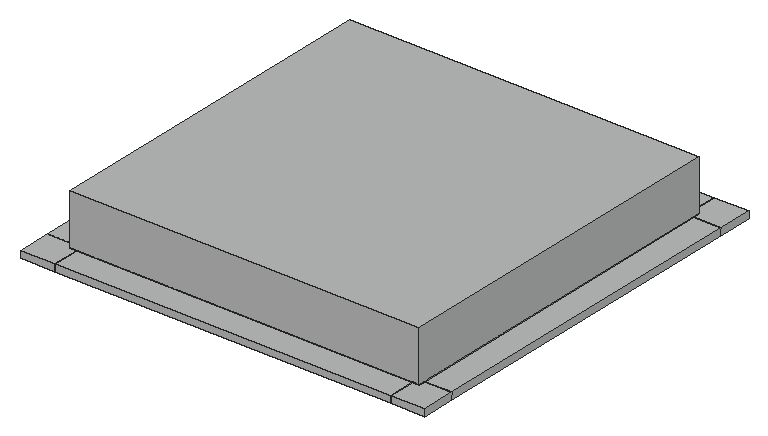
Revit family "ALUMOGIPS", category Осветительные приборы, Revit 2019 (continued)
Types (72, lengths in mm): name | Файл фотометрической сетки | built-in parameter 1150105 | Lumens | built-in parameter 1150106 | built-in parameter 1150142 | Wattage | Emit from Rectangle Width | Emit from Rectangle Length | Длина | Материал светильника | Ширина | ADSK_Ток | ADSK_Полная мощность | ADSK_Обозначение | ADSK_Номинальная мощность | ADSK_Наименование | ADSK_Масса | ADSK_Код изделия
  Alumogips-50/opal-sand 610х610 (IP54, 4000К, белый, грильято) | "Светильник ALUMOGIPS-50 OPAL-SAND-(610x610).IES" | 405.85 (stored number, unit not read) | 5100 lm | 4.0585 (stored number, unit not read) | "IESNA:LM-63-95\r\n[TEST] Протокол № 50-14\r\n[DATA] 15.06.2016\r\n[MORE] \r\n[MANUFAC] ЗАО \"Центрстройсвет\"\r\n[LUMCAT]  Светильник ALUMOGIPS-50/OPAL-SAND-(610x610)\r\n[LUMINAIRE]\r\n[LAMPCAT] Светодиоды\r\n[LAMP] Поток источника света (светодиодов) не известен\r\n[MORE] КСС приведена в абсолютных величинах кд\r\n[MORE] Вместо потока лампы, указан поток светильника.\r\nTILT=NONE\r\n1    5060 1.0 37 73 1 2 0.61 0.61 0.04\r\n1.0 1.0 50.3\r\n0.0 5.0 10.0 15.0 20.0 25.0 30.0 35.0 40.0 45.0 50.0 55.0 60.0 65.0 70.0 75.0 80.0 85.0 90.0 95.0 100.0 105.0 110.0 115.0 120.0 125.0 130.0 135.0 140.0 145.0 150.0 155.0 160.0 165.0 170.0 175.0 180.0\r\n0.0 5.0 10.0 15.0 20.0 25.0 30.0 35.0 40.0 45.0 50.0 55.0 60.0 65.0 70.0 75.0 80.0 85.0 90.0 95.0 100.0 105.0 110.0 115.0 120.0 125.0 130.0 135.0 140.0 145.0 150.0 155.0 160.0 165.0 170.0 175.0 180.0 185.0 190.0 195.0 200.0 205.0 210.0 215.0 220.0 225.0 230.0 235.0 240.0 245.0 250.0 255.0 260.0 265.0 270.0 275.0 280.0 285.0 290.0 295.0 300.0 305.0 310.0 315.0 320.0 325.0 330.0 335.0 340.0 345.0 350.0 355.0 360.0\r\n1887.5 1882.3 1843.4 1792.0 1724.0 1631.5 1531.1 1419.3 1293.7 1161.5 1026.7 886.8 740.0 595.0 455.2 319.9 194.6 81.1 4.9 0.0 0.0 0.0 0.0 0.0 0.0 0.0 0.0 0.0 0.0 0.0 0.0 0.0 0.0 0.0 0.0 0.0 0.0\r\n1887.5 1882.9 1846.0 1797.8 1725.1 1630.8 1538.9 1418.0 1289.1 1162.9 1024.5 883.4 740.5 598.7 455.8 320.4 195.7 82.0 5.0 0.0 0.0 0.0 0.0 0.0 0.0 0.0 0.0 0.0 0.0 0.0 0.0 0.0 0.0 0.0 0.0 0.0 0.0\r\n1887.5 1884.1 1849.8 1793.9 1724.1 1633.5 1538.1 1421.4 1298.2 1165.1 1027.4 885.2 742.6 599.8 457.4 322.3 197.1 83.7 5.4 0.0 0.0 0.0 0.0 0.0 0.0 0.0 0.0 0.0 0.0 0.0 0.0 0.0 0.0 0.0 0.0 0.0 0.0\r\n1887.5 1885.6 1850.0 1796.3 1725.8 1632.2 1533.7 1422.0 1295.8 1167.8 1030.8 886.1 743.6 597.9 459.5 322.2 196.9 83.7 5.4 0.0 0.0 0.0 0.0 0.0 0.0 0.0 0.0 0.0 0.0 0.0 0.0 0.0 0.0 0.0 0.0 0.0 0.0\r\n1887.5 1886.5 1849.9 1795.8 1721.4 1639.6 1534.8 1418.0 1296.4 1168.3 1027.2 886.6 744.0 600.2 457.7 323.1 197.0 84.2 5.3 0.0 0.0 0.0 0.0 0.0 0.0 0.0 0.0 0.0 0.0 0.0 0.0 0.0 0.0 0.0 0.0 0.0 0.0\r\n1887.5 1885.6 1848.0 1795.1 1728.2 1636.1 1537.7 1424.4 1296.7 1163.9 1028.1 885.4 746.1 599.2 456.9 323.0 198.1 84.6 6.1 0.0 0.0 0.0 0.0 0.0 0.0 0.0 0.0 0.0 0.0 0.0 0.0 0.0 0.0 0.0 0.0 0.0 0.0\r\n1887.5 1884.2 1849.8 1792.9 1722.3 1637.3 1537.3 1423.8 1299.0 1162.9 1028.1 889.2 746.4 599.2 458.6 325.2 198.7 85.0 6.5 0.0 0.0 0.0 0.0 0.0 0.0 0.0 0.0 0.0 0.0 0.0 0.0 0.0 0.0 0.0 0.0 0.0 0.0\r\n1887.5 1884.0 1850.9 1800.1 1725.4 1633.0 1534.3 1421.2 1294.0 1160.9 1028.3 886.0 747.4 600.7 459.7 325.6 199.2 86.0 6.2 0.0 0.0 0.0 0.0 0.0 0.0 0.0 0.0 0.0 0.0 0.0 0.0 0.0 0.0 0.0 0.0 0.0 0.0\r\n1887.5 1884.0 1850.4 1799.2 1722.9 1634.9 1528.6 1423.0 1298.2 1162.3 1032.0 888.7 743.9 600.7 461.8 326.2 199.2 86.6 6.1 0.0 0.0 0.0 0.0 0.0 0.0 0.0 0.0 0.0 0.0 0.0 0.0 0.0 0.0 0.0 0.0 0.0 0.0\r\n1887.5 1883.3 1848.8 1801.0 1723.6 1638.0 1538.5 1425.1 1297.5 1166.1 1029.5 886.1 746.3 605.4 461.8 326.3 201.2 87.0 6.2 0.0 0.0 0.0 0.0 0.0 0.0 0.0 0.0 0.0 0.0 0.0 0.0 0.0 0.0 0.0 0.0 0.0 0.0\r\n1887.5 1883.3 1850.6 1797.3 1725.8 1637.1 1533.1 1417.5 1298.3 1167.1 1027.2 888.0 746.2 603.2 463.6 327.0 201.7 88.1 6.5 0.0 0.0 0.0 0.0 0.0 0.0 0.0 0.0 0.0 0.0 0.0 0.0 0.0 0.0 0.0 0.0 0.0 0.0\r\n1887.5 1883.7 1849.0 1797.7 1720.9 1638.5 1535.3 1424.4 1299.6 1168.5 1035.4 889.6 749.8 603.4 465.3 328.4 201.8 88.8 7.0 0.0 0.0 0.0 0.0 0.0 0.0 0.0 0.0 0.0 0.0 0.0 0.0 0.0 0.0 0.0 0.0 0.0 0.0\r\n1887.5 1883.1 1852.7 1797.3 1728.6 1639.3 1538.4 1423.7 1303.2 1168.1 1029.2 892.4 748.1 605.8 464.0 329.6 202.9 89.8 7.0 0.0 0.0 0.0 0.0 0.0 0.0 0.0 0.0 0.0 0.0 0.0 0.0 0.0 0.0 0.0 0.0 0.0 0.0\r\n1887.5 1881.9 1853.7 1798.9 1724.8 1637.5 1543.5 1423.8 1299.9 1170.3 1024.3 891.2 751.8 607.8 466.0 330.6 204.5 90.0 7.3 0.0 0.0 0.0 0.0 0.0 0.0 0.0 0.0 0.0 0.0 0.0 0.0 0.0 0.0 0.0 0.0 0.0 0.0\r\n1887.5 1881.8 1854.7 1797.4 1729.6 1638.4 1538.7 1420.0 1302.3 1168.1 1034.9 892.9 749.2 609.3 467.3 330.5 205.3 90.4 7.7 0.0 0.0 0.0 0.0 0.0 0.0 0.0 0.0 0.0 0.0 0.0 0.0 0.0 0.0 0.0 0.0 0.0 0.0\r\n1887.5 1882.8 1852.5 1798.1 1725.4 1641.5 1535.9 1424.2 1305.0 1168.3 1036.9 895.1 752.7 610.0 468.0 330.8 206.4 91.1 7.9 0.0 0.0 0.0 0.0 0.0 0.0 0.0 0.0 0.0 0.0 0.0 0.0 0.0 0.0 0.0 0.0 0.0 0.0\r\n1887.5 1883.6 1853.4 1797.0 1722.9 1639.1 1537.8 1429.0 1302.2 1172.5 1035.6 896.5 751.3 608.9 469.2 331.4 207.3 92.2 8.2 0.0 0.0 0.0 0.0 0.0 0.0 0.0 0.0 0.0 0.0 0.0 0.0 0.0 0.0 0.0 0.0 0.0 0.0\r\n1887.5 1883.6 1850.7 1797.3 1726.9 1643.9 1542.2 1421.1 1302.3 1173.9 1036.7 893.3 752.7 610.7 470.3 331.8 207.5 92.8 8.4 0.0 0.0 0.0 0.0 0.0 0.0 0.0 0.0 0.0 0.0 0.0 0.0 0.0 0.0 0.0 0.0 0.0 0.0\r\n1887.5 1883.8 1850.5 1796.3 1728.7 1637.1 1539.6 1426.0 1310.2 1175.1 1036.5 895.8 754.0 609.7 469.6 332.7 208.2 93.1 8.5 0.0 0.0 0.0 0.0 0.0 0.0 0.0 0.0 0.0 0.0 0.0 0.0 0.0 0.0 0.0 0.0 0.0 0.0\r\n1887.5 1884.5 1848.7 1798.4 1728.4 1643.0 1541.1 1424.4 1306.1 1175.6 1035.2 895.7 753.2 610.0 470.1 333.6 209.0 93.8 8.7 0.0 0.0 0.0 0.0 0.0 0.0 0.0 0.0 0.0 0.0 0.0 0.0 0.0 0.0 0.0 0.0 0.0 0.0\r\n1887.5 1885.1 1846.5 1798.1 1728.3 1640.7 1538.4 1422.5 1302.2 1173.0 1035.2 900.5 754.9 610.9 470.6 333.2 208.6 94.1 8.3 0.0 0.0 0.0 0.0 0.0 0.0 0.0 0.0 0.0 0.0 0.0 0.0 0.0 0.0 0.0 0.0 0.0 0.0\r\n1887.5 1884.8 1851.0 1798.1 1730.2 1643.2 1541.6 1426.4 1303.3 1176.2 1035.7 896.2 754.5 612.8 472.6 334.1 209.1 94.5 8.3 0.0 0.0 0.0 0.0 0.0 0.0 0.0 0.0 0.0 0.0 0.0 0.0 0.0 0.0 0.0 0.0 0.0 0.0\r\n1887.5 1884.2 1851.7 1798.5 1729.5 1639.1 1536.0 1425.2 1302.7 1175.5 1036.5 898.0 758.2 612.7 468.9 335.3 208.8 94.8 9.1 0.0 0.0 0.0 0.0 0.0 0.0 0.0 0.0 0.0 0.0 0.0 0.0 0.0 0.0 0.0 0.0 0.0 0.0\r\n1887.5 1883.1 1853.9 1797.7 1724.9 1639.7 1541.8 1430.1 1304.9 1168.5 1037.8 897.4 754.1 610.4 472.0 334.6 209.1 95.3 8.8 0.0 0.0 0.0 0.0 0.0 0.0 0.0 0.0 0.0 0.0 0.0 0.0 0.0 0.0 0.0 0.0 0.0 0.0\r\n1887.5 1881.5 1850.2 1795.2 1729.7 1647.3 1540.3 1425.3 1308.1 1174.1 1040.2 896.3 755.4 612.5 470.5 335.6 209.7 95.4 8.7 0.0 0.0 0.0 0.0 0.0 0.0 0.0 0.0 0.0 0.0 0.0 0.0 0.0 0.0 0.0 0.0 0.0 0.0\r\n1887.5 1880.4 1847.4 1795.8 1726.1 1638.7 1541.7 1429.3 1302.6 1175.9 1038.5 897.9 751.3 611.6 471.1 335.6 209.6 95.3 9.2 0.0 0.0 0.0 0.0 0.0 0.0 0.0 0.0 0.0 0.0 0.0 0.0 0.0 0.0 0.0 0.0 0.0 0.0\r\n1887.5 1880.0 1850.3 1797.1 1726.4 1643.3 1536.0 1421.3 1303.6 1171.4 1038.6 895.9 755.7 612.4 470.9 336.2 208.7 95.8 9.1 0.0 0.0 0.0 0.0 0.0 0.0 0.0 0.0 0.0 0.0 0.0 0.0 0.0 0.0 0.0 0.0 0.0 0.0\r\n1887.5 1879.1 1850.7 1799.2 1725.1 1639.6 1536.4 1428.4 1302.2 1172.1 1033.4 895.3 754.1 612.8 470.7 335.5 209.1 96.7 9.0 0.0 0.0 0.0 0.0 0.0 0.0 0.0 0.0 0.0 0.0 0.0 0.0 0.0 0.0 0.0 0.0 0.0 0.0\r\n1887.5 1876.9 1845.6 1794.8 1724.8 1637.8 1537.7 1427.7 1305.4 1174.0 1036.9 896.0 755.2 613.5 471.4 337.3 209.9 96.1 9.4 0.0 0.0 0.0 0.0 0.0 0.0 0.0 0.0 0.0 0.0 0.0 0.0 0.0 0.0 0.0 0.0 0.0 0.0\r\n1887.5 1874.8 1849.0 1796.1 1725.5 1644.7 1539.3 1422.3 1296.7 1172.6 1036.6 895.8 752.9 610.2 470.9 336.1 209.8 95.5 9.5 0.0 0.0 0.0 0.0 0.0 0.0 0.0 0.0 0.0 0.0 0.0 0.0 0.0 0.0 0.0 0.0 0.0 0.0\r\n1887.5 1874.3 1850.7 1796.1 1722.3 1643.7 1535.4 1426.2 1297.3 1169.2 1033.9 896.5 756.1 608.4 469.6 336.8 208.8 95.7 9.0 0.0 0.0 0.0 0.0 0.0 0.0 0.0 0.0 0.0 0.0 0.0 0.0 0.0 0.0 0.0 0.0 0.0 0.0\r\n1887.5 1875.0 1847.6 1795.2 1726.0 1637.4 1538.8 1422.8 1302.3 1167.3 1031.4 892.2 753.9 609.3 470.2 335.4 209.4 95.6 9.2 0.0 0.0 0.0 0.0 0.0 0.0 0.0 0.0 0.0 0.0 0.0 0.0 0.0 0.0 0.0 0.0 0.0 0.0\r\n1887.5 1876.2 1846.7 1797.0 1722.9 1632.1 1531.8 1428.4 1297.9 1173.0 1032.8 893.5 750.3 609.2 468.7 334.5 208.8 95.2 9.5 0.0 0.0 0.0 0.0 0.0 0.0 0.0 0.0 0.0 0.0 0.0 0.0 0.0 0.0 0.0 0.0 0.0 0.0\r\n1887.5 1877.0 1845.0 1799.0 1728.3 1642.0 1532.1 1422.0 1297.5 1176.2 1034.8 896.4 752.7 609.9 470.0 333.7 209.6 95.2 9.1 0.0 0.0 0.0 0.0 0.0 0.0 0.0 0.0 0.0 0.0 0.0 0.0 0.0 0.0 0.0 0.0 0.0 0.0\r\n1887.5 1876.9 1842.6 1790.6 1724.9 1639.4 1536.1 1422.9 1304.1 1169.6 1035.5 895.3 751.4 609.1 469.0 332.6 209.1 95.1 9.2 0.0 0.0 0.0 0.0 0.0 0.0 0.0 0.0 0.0 0.0 0.0 0.0 0.0 0.0 0.0 0.0 0.0 0.0\r\n1887.5 1875.7 1845.4 1794.6 1719.6 1634.8 1535.6 1422.6 1301.8 1167.1 1036.6 892.0 752.3 605.8 469.0 332.7 209.1 93.9 9.3 0.0 0.0 0.0 0.0 0.0 0.0 0.0 0.0 0.0 0.0 0.0 0.0 0.0 0.0 0.0 0.0 0.0 0.0\r\n1887.5 1874.6 1846.6 1791.0 1719.4 1631.6 1534.3 1422.3 1303.5 1171.6 1032.3 893.0 750.0 606.5 467.5 330.0 206.4 92.9 8.4 0.0 0.0 0.0 0.0 0.0 0.0 0.0 0.0 0.0 0.0 0.0 0.0 0.0 0.0 0.0 0.0 0.0 0.0\r\n1887.5 1874.0 1843.1 1789.6 1720.6 1639.4 1534.3 1424.0 1300.8 1168.1 1030.2 892.1 748.2 609.2 467.1 330.4 206.0 92.1 7.9 0.0 0.0 0.0 0.0 0.0 0.0 0.0 0.0 0.0 0.0 0.0 0.0 0.0 0.0 0.0 0.0 0.0 0.0\r\n1887.5 1873.5 1842.4 1792.6 1720.8 1633.5 1535.7 1423.0 1296.8 1165.4 1028.6 890.9 749.2 606.9 466.1 329.8 204.3 90.7 7.8 0.0 0.0 0.0 0.0 0.0 0.0 0.0 0.0 0.0 0.0 0.0 0.0 0.0 0.0 0.0 0.0 0.0 0.0\r\n1887.5 1872.5 1843.5 1792.8 1719.4 1633.2 1530.8 1420.9 1295.9 1169.4 1030.4 892.0 748.4 604.3 464.0 329.4 203.7 91.1 7.3 0.0 0.0 0.0 0.0 0.0 0.0 0.0 0.0 0.0 0.0 0.0 0.0 0.0 0.0 0.0 0.0 0.0 0.0\r\n1887.5 1871.5 1840.6 1788.3 1723.9 1633.4 1533.4 1417.1 1296.6 1165.6 1026.8 888.1 749.6 603.5 465.6 328.3 203.4 90.8 6.9 0.0 0.0 0.0 0.0 0.0 0.0 0.0 0.0 0.0 0.0 0.0 0.0 0.0 0.0 0.0 0.0 0.0 0.0\r\n1887.5 1871.7 1837.5 1793.8 1715.8 1634.9 1538.0 1424.6 1298.1 1167.0 1028.0 888.7 747.9 603.5 465.2 327.9 201.8 90.2 7.0 0.0 0.0 0.0 0.0 0.0 0.0 0.0 0.0 0.0 0.0 0.0 0.0 0.0 0.0 0.0 0.0 0.0 0.0\r\n1887.5 1872.9 1840.2 1791.1 1722.4 1635.7 1532.7 1420.2 1295.0 1159.5 1029.1 888.4 746.9 600.5 462.3 328.7 201.0 90.1 6.9 0.0 0.0 0.0 0.0 0.0 0.0 0.0 0.0 0.0 0.0 0.0 0.0 0.0 0.0 0.0 0.0 0.0 0.0\r\n1887.5 1873.3 1840.5 1789.1 1721.5 1635.7 1530.6 1419.0 1297.0 1164.6 1027.8 889.2 744.1 604.1 463.3 327.1 201.1 89.2 6.4 0.0 0.0 0.0 0.0 0.0 0.0 0.0 0.0 0.0 0.0 0.0 0.0 0.0 0.0 0.0 0.0 0.0 0.0\r\n1887.5 1872.9 1835.7 1788.5 1722.3 1636.7 1534.0 1423.0 1296.7 1161.9 1026.4 886.9 745.3 601.5 461.8 326.2 200.5 88.4 6.3 0.0 0.0 0.0 0.0 0.0 0.0 0.0 0.0 0.0 0.0 0.0 0.0 0.0 0.0 0.0 0.0 0.0 0.0\r\n1887.5 1872.6 1838.3 1791.1 1724.9 1630.4 1531.8 1419.7 1295.3 1168.5 1027.5 880.9 745.5 601.1 461.5 326.5 199.4 87.5 6.3 0.0 0.0 0.0 0.0 0.0 0.0 0.0 0.0 0.0 0.0 0.0 0.0 0.0 0.0 0.0 0.0 0.0 0.0\r\n1887.5 1872.8 1840.3 1789.2 1719.5 1633.6 1532.6 1417.6 1294.5 1165.4 1020.8 885.7 745.3 602.2 460.4 324.3 199.3 87.3 6.1 0.0 0.0 0.0 0.1 0.2 0.0 0.0 0.0 0.0 0.0 0.0 0.0 0.0 0.0 0.0 0.0 0.0 0.0\r\n1887.5 1873.5 1838.6 1790.7 1722.3 1630.8 1530.5 1417.1 1295.0 1167.0 1025.9 884.6 740.9 599.5 459.4 323.2 199.3 86.7 5.7 0.0 0.0 0.0 0.2 0.4 0.0 0.0 0.0 0.0 0.0 0.0 0.0 0.0 0.0 0.0 0.0 0.0 0.0\r\n1887.5 1874.2 1837.3 1789.5 1719.1 1630.4 1533.5 1417.9 1293.0 1161.5 1026.6 886.5 743.5 600.4 460.1 323.6 198.7 86.1 5.9 0.0 0.0 0.0 0.4 0.6 0.0 0.0 0.0 0.0 0.0 0.0 0.0 0.0 0.0 0.0 0.0 0.0 0.0\r\n1887.5 1874.2 1840.2 1789.0 1715.5 1634.9 1530.0 1416.2 1292.8 1158.2 1025.3 884.7 740.5 599.4 458.3 323.4 197.9 85.3 5.9 0.0 0.0 0.0 0.4 0.9 0.0 0.0 0.0 0.0 0.1 0.0 0.0 0.0 0.0 0.0 0.0 0.0 0.0\r\n1887.5 1873.3 1839.1 1789.1 1718.1 1638.7 1537.0 1412.2 1291.9 1164.4 1026.0 883.3 742.8 598.7 456.7 321.5 197.8 84.6 5.7 0.0 0.0 0.0 0.2 0.8 0.0 0.0 0.0 0.0 0.1 0.0 0.0 0.0 0.0 0.0 0.0 0.0 0.0\r\n1887.5 1872.3 1839.4 1787.8 1714.0 1633.5 1527.1 1417.7 1293.5 1164.9 1025.5 883.9 738.3 599.4 457.0 320.6 197.3 83.5 5.9 0.0 0.0 0.0 0.0 0.1 0.2 0.0 0.0 0.0 0.1 0.0 0.0 0.0 0.0 0.0 0.0 0.0 0.0\r\n1887.5 1871.5 1840.6 1789.0 1716.8 1627.7 1530.9 1417.4 1291.4 1158.2 1021.7 888.3 739.3 596.4 457.7 320.6 196.6 83.1 5.8 0.0 0.0 0.0 0.0 0.0 0.0 0.0 0.0 0.0 0.1 0.0 0.0 0.0 0.0 0.0 0.0 0.0 0.0\r\n1887.5 1871.2 1839.5 1788.7 1714.7 1630.8 1533.3 1417.2 1290.6 1154.1 1021.7 884.9 739.3 596.6 457.4 319.4 195.8 83.0 5.3 0.0 0.0 0.0 0.0 0.0 0.0 0.0 0.0 0.0 0.1 0.0 0.0 0.0 0.0 0.0 0.0 0.0 0.0\r\n1887.5 1871.6 1839.7 1787.9 1720.6 1630.8 1533.9 1416.2 1290.9 1158.9 1021.9 880.6 741.2 596.3 457.0 320.0 195.2 82.5 4.7 0.0 0.0 0.0 0.0 0.0 0.0 0.0 0.0 0.0 0.1 0.0 0.0 0.0 0.0 0.0 0.0 0.0 0.0\r\n1887.5 1872.3 1838.1 1789.3 1712.9 1625.9 1525.4 1417.2 1291.8 1157.6 1020.0 883.4 740.0 594.9 454.8 318.6 194.2 81.9 4.7 0.0 0.0 0.0 0.0 0.0 0.0 0.0 0.0 0.0 0.1 0.0 0.0 0.0 0.0 0.0 0.0 0.0 0.0\r\n1887.5 1872.7 1839.6 1789.3 1718.6 1629.9 1525.5 1419.8 1293.5 1154.0 1020.1 878.8 736.9 593.7 456.1 318.4 193.6 81.4 4.3 0.0 0.0 0.0 0.0 0.0 0.0 0.0 0.0 0.0 0.1 0.0 0.0 0.0 0.0 0.0 0.0 0.0 0.0\r\n1887.5 1873.0 1840.9 1790.2 1716.4 1630.3 1526.9 1414.6 1285.9 1157.6 1025.3 882.6 736.3 594.0 453.5 317.4 193.8 80.8 3.8 0.0 0.0 0.0 0.0 0.0 0.0 0.0 0.0 0.0 0.1 0.0 0.0 0.0 0.0 0.0 0.0 0.0 0.0\r\n1887.5 1873.5 1841.2 1787.5 1718.4 1634.0 1528.6 1409.6 1285.8 1155.5 1025.3 876.4 735.1 594.3 453.7 316.4 192.5 80.5 4.0 0.0 0.0 0.0 0.0 0.0 0.0 0.0 0.0 0.0 0.1 0.0 0.0 0.0 0.0 0.0 0.0 0.0 0.0\r\n1887.5 1873.9 1841.6 1790.0 1717.7 1629.1 1528.0 1409.8 1288.0 1151.6 1019.8 875.9 736.5 592.3 451.8 318.0 191.7 80.2 4.0 0.0 0.0 0.0 0.0 0.0 0.0 0.0 0.0 0.0 0.0 0.0 0.0 0.0 0.0 0.0 0.0 0.0 0.0\r\n1887.5 1874.1 1841.0 1789.7 1717.2 1630.1 1529.9 1419.7 1290.4 1156.3 1022.8 880.3 733.7 593.5 452.4 316.0 191.3 79.4 3.9 0.0 0.0 0.0 0.0 0.0 0.0 0.0 0.0 0.0 0.0 0.0 0.0 0.0 0.0 0.0 0.0 0.0 0.0\r\n1887.5 1874.1 1840.2 1785.0 1714.5 1629.4 1527.7 1411.7 1290.1 1153.6 1017.8 879.3 733.8 592.9 451.3 315.7 191.7 79.2 4.4 0.0 0.0 0.0 0.0 0.0 0.0 0.0 0.0 0.0 0.0 0.0 0.0 0.0 0.0 0.0 0.0 0.0 0.0\r\n1887.5 1873.8 1839.2 1790.0 1722.6 1631.3 1526.9 1414.1 1288.6 1158.0 1021.7 880.4 735.8 589.7 453.5 315.5 191.2 78.9 4.5 0.0 0.0 0.0 0.0 0.0 0.0 0.0 0.0 0.0 0.0 0.0 0.0 0.0 0.0 0.0 0.0 0.0 0.0\r\n1887.5 1874.4 1838.4 1789.0 1718.1 1628.9 1522.6 1413.3 1284.8 1161.1 1020.5 878.5 734.8 593.7 450.4 316.4 190.5 79.1 4.3 0.0 0.0 0.0 0.0 0.0 0.0 0.0 0.0 0.0 0.0 0.0 0.0 0.0 0.0 0.0 0.0 0.0 0.0\r\n1887.5 1876.6 1839.3 1788.5 1718.4 1632.2 1524.7 1416.3 1290.0 1154.1 1020.6 876.5 736.6 594.2 448.6 316.5 189.8 78.5 4.1 0.0 0.0 0.0 0.0 0.0 0.0 0.0 0.0 0.0 0.0 0.0 0.0 0.0 0.0 0.0 0.0 0.0 0.0\r\n1887.5 1878.7 1842.1 1786.9 1714.7 1629.1 1527.4 1410.5 1293.4 1160.9 1018.3 878.4 735.0 594.0 451.4 313.5 190.7 78.3 3.7 0.0 0.0 0.0 0.0 0.0 0.0 0.0 0.0 0.0 0.0 0.0 0.0 0.0 0.0 0.0 0.0 0.0 0.0\r\n1887.5 1879.5 1841.9 1788.6 1717.1 1632.6 1529.5 1414.0 1286.1 1155.2 1023.1 878.2 734.9 591.7 452.9 315.4 190.4 78.3 3.4 0.0 0.0 0.0 0.0 0.0 0.0 0.0 0.0 0.0 0.0 0.0 0.0 0.0 0.0 0.0 0.0 0.0 0.0\r\n1887.5 1879.6 1839.7 1792.9 1715.8 1629.7 1529.6 1414.5 1293.2 1154.7 1019.1 880.1 734.7 589.5 450.3 315.4 190.2 78.5 3.7 0.0 0.0 0.0 0.0 0.0 0.0 0.0 0.0 0.0 0.0 0.0 0.0 0.0 0.0 0.0 0.0 0.0 0.0\r\n1887.5 1880.2 1841.8 1793.1 1721.7 1625.7 1529.1 1413.3 1291.5 1156.5 1017.9 882.6 737.0 593.8 452.9 315.8 189.7 78.7 3.6 0.0 0.0 0.0 0.0 0.0 0.0 0.0 0.0 0.0 0.0 0.0 0.0 0.0 0.0 0.0 0.0 0.0 0.0\r\n1887.5 1881.1 1842.4 1785.9 1716.3 1632.5 1528.4 1410.2 1289.5 1156.3 1018.9 875.2 736.4 595.3 452.5 315.3 191.0 79.0 3.5 0.0 0.0 0.0 0.0 0.0 0.0 0.0 0.0 0.0 0.0 0.0 0.0 0.0 0.0 0.0 0.0 0.0 0.0\r\n1887.5 1881.7 1845.0 1794.4 1714.9 1633.8 1528.0 1412.9 1290.1 1152.0 1023.1 875.3 736.1 593.0 453.1 316.0 191.8 79.6 3.9 0.0 0.0 0.0 0.0 0.0 0.0 0.0 0.0 0.0 0.0 0.0 0.0 0.0 0.0 0.0 0.0 0.0 0.0\r\n1887.5 1882.0 1844.3 1789.1 1721.3 1636.2 1528.4 1415.3 1289.9 1160.9 1019.9 882.0 736.6 593.6 453.1 317.2 192.7 80.3 4.5 0.0 0.0 0.0 0.0 0.0 0.0 0.0 0.0 0.0 0.0 0.0 0.0 0.0 0.0 0.0 0.0 0.0 0.0\r\n1887.5 1882.3 1843.4 1792.0 1724.0 1631.5 1531.1 1419.3 1293.7 1161.5 1026.7 886.8 740.0 595.0 455.2 319.9 194.6 81.1 4.9 0.0 0.0 0.0 0.0 0.0 0.0 0.0 0.0 0.0 0.0 0.0 0.0 0.0 0.0 0.0 0.0 0.0 0.0\r\n" | 34.3337 W | 590 | 590 | 610 | RAL 9001 | 610 | 0.236295 A | 54.3478 VA | "Alumogips-50/opal-sand 610х610 (IP54, 4000К, белый, грильято)" | 50 W | "Встраи
    ваемый светодиодный светильник Alumogips-50/opal-sand 610х610 (IP54, 4000К, белый, грильято)" | 2.5 | "ЦБ000007835"
